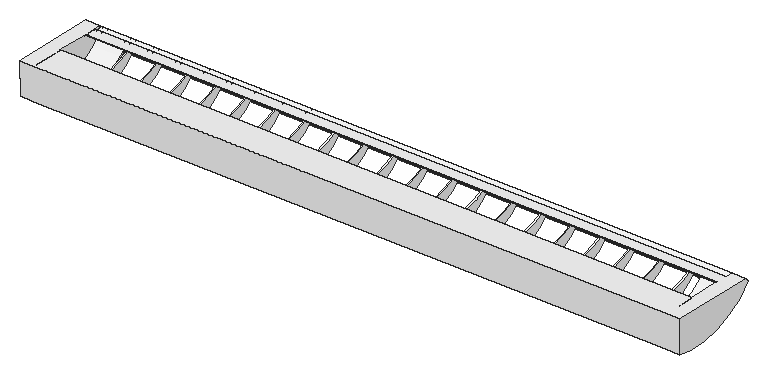
Revit family "CVSL-WM", category Lighting Fixtures, host Wall, Revit 2013
Parameters (values of type "CVSL")
  Watts = 63 W
  Wattage Comments = ""
  Wattage = 63 W
  built-in parameter 1150110 = 1 (stored number, unit not read)
  Voltage = 120 V
  URL = "https://www.hubbell.com/aleralighting/en/"
  built-in parameter 1114217 = 1 (stored number, unit not read)
  Tilt Angle = 90.00°
  built-in parameter 1150109 = 1 (stored number, unit not read)
  built-in parameter 1150134 = (empty or 0)
  built-in parameter 1150113 = 1 (stored number, unit not read)
  Row Option = CVSL : 4'
  Photometric Web Link = "https://www.hubbell.com/aleralighting/en/Products/Lighting-Controls/Commercial-Indoor-Lighting/Wall-Mount/CVSLWM/p/19973"
  Photometric Notes = "More IES files download on Photometric Web Link"  # constant formula
  Glass = Hubbell - White Glass
  Product Page URL = "https://www.hubbell.com/aleralighting/en/Products/Lighting-Controls/Commercial-Indoor-Lighting/Wall-Mount/CVSLWM/p/19973"
  Product Documentation Link = "https://hubbellcdn.com/specsheet/cvsl_wm.pdf"
  Power Factor = 1
  Photometric Web File = "CVSL-2T8-WM-E.ies"
  Model = "CVSLWM"  # constant formula
  Manufacturer = "Alera Lighting"  # constant formula
  built-in parameter 1150105 = 230.82 (stored number, unit not read)
  Lumens = 2900.52 lm
  built-in parameter 1150115 = 1 (stored number, unit not read)
  Load Classification = Lighting
  built-in parameter 1150137 = (empty or 0)
  built-in parameter 1150139 = (empty or 0)
  built-in parameter 1150112 = 1 (stored number, unit not read)
  built-in parameter 1150114 = 1 (stored number, unit not read)
  Lamp = "T5, T5HO, T8"  # constant formula
  built-in parameter 1150132 = (empty or 0)
  built-in parameter 1150102 = (empty or 0)
  built-in parameter 1150107 = 3000 (stored number, unit not read)
  built-in parameter 1150138 = (empty or 0)
  built-in parameter 1150106 = 2.3082 (stored number, unit not read)
  Emit from Rectangle Width = 48.00"  # constant formula
  Emit from Rectangle Length = 3.00"  # constant formula
  Emit Shape Visible in Rendering = no
  built-in parameter 1150104 = 4.2773 (stored number, unit not read)
  Dimming Lamp Color Temperature Shift = <None>
  Description = "Curvista Wall Mount"  # constant formula
  Contact Us = "https://www.hubbell.com/aleralighting/en/contactUs"
  Color Filter = 16777215
  Housing Material = Hubbell - White
  built-in parameter 1114218 = 1 (stored number, unit not read)
  built-in parameter 1150133 = 10 (stored number, unit not read)
  Assembly Code = "D5020210"
  Apparent Load = Watts / Power Factor  # 63 VA
Reference planes (in)
  plane 1 "Wall": y = 0
  plane 2 "Center (Left/Right)": x = 4.92126
  plane 3 "Back": y = 2.95276
  plane 4: y = 6.45276
  plane 5: z = 81.34304
Text (in)
  text "Placement Side" at (-36.97918, 19.73443, 0), in view "Ref. Level"
  text "Placement side" at (0, 27.32912, 79.68064), in view "Left"
  text "Placement side" at (0, 10.24977, 82.91007), in view "Right"
Dimensions and locks (in)
  locked: plane 3 "Back" to host wall
  locked: plane 3 "Back" to plane 4 at 3.5
  aligned and locked: plane 1 "Wall" to host wall
  aligned and locked: plane 2 "Center (Left/Right)" to nested 1
  aligned and locked: plane 4 to imposter light
  aligned and locked: plane 5 to imposter light
  aligned and locked: imposter light to plane 2 "Center (Left/Right)"
Nested families (in)
  nested 1: "CVSL" at (6.96893, 2.95276, 80.03999) x (1, 0, 0) z (0, 1, 0), type <- "Row Option", type "4'"
Connectors (in)
  electrical at (4.92126, 2.95276, 80.95739), driven by "Load Classification", driven by "Voltage", driven by "Apparent Load", driven by "Power Factor"
    settings: on nested 1, index 1, voltage 120 V, apparent load 63 VA, apparent load phase1 0 VA, apparent load phase2 0 VA, apparent load phase3 0 VA, power factor 1, load classification "Lighting", number of poles 1, system type 30, power factor state 1, is connector primary yes, connector utility no, sub classification motor no, connector description "Lighting Connector"
Definition of nested family "CVSL"
  Parameters (values of type "8'")
    Wattage Comments = ""
    URL = ""
    Row Length = 96.00"
    Model = ""
    Manufacturer = ""
    Lamp = ""
    Opal Lens = Hubbell - White Glass
    Description = ""
    Default Elevation = 48.00"
    Baffle = Hubbell - White
    Backbox = Hubbell - White
    Array = Row Length / 2.39844"  # 40
  Types (2): name | Row Length | Array
    4' | 48.00" | 20
    8' | 96.00" | 40
  Reference planes (in)
    plane 1 "Center (Front/Back)": y = 0.03999
    plane 2: z = 0
    plane 3 "Center (Left/Right)": x = -2.04767
    plane 4: x = -50.04767
    plane 5: x = 45.95233
    plane 6: x = -49.04767
    plane 7: x = 44.95233
    plane 8: x = -47.04767
    plane 9: x = 42.95233
    plane 10: y = -2.46001
    plane 11: z = 0
    plane 12: z = 6.25
    plane 13: x = -46.54767
    plane 14: x = 42.45233
  Forms (in)
    Extrusion 1, solid
      sketch origin (0, 0, 0.06357) x (1, 0, 0) y (0, 1, 0)
        loop
          line (-52.04767, 48) -> (-52.04767, -48) -> (47.95233, -48) -> (47.95233, 48) -> (-52.04767, 48)
      from -0.06357 to -6.06357
    Extrusion 2, solid, material "Hubbell - White" <- "Backbox"
      sketch origin (-2.04767, -2.46001, 1.53999) x (0, 0, -1) y (0, 1, 0)
        loop
          line (1.53999, 0) -> (1.53999, 2.31392)
          arc (1.53999, 2.31392) -> (-1.88499, 2.19038) -> (-4.71001, 0.25) r 6.13889
          line (-4.71001, 0.25) -> (-4.46001, 0) -> (0.03999, 0) -> (1.53999, 0)
      from 47 to 48
    Extrusion 3, solid, material "Hubbell - White" <- "Backbox"
      sketch origin (-2.04767, -2.46001, 1.53999) x (0, 0, -1) y (0, 1, 0)
        loop
          line (1.53999, 0) -> (1.53999, 2.31392)
          arc (1.53999, 2.31392) -> (-1.88499, 2.19038) -> (-4.71001, 0.25) r 6.13889
          line (-4.71001, 0.25) -> (-4.46001, 0) -> (1.53999, 0)
      from -48 to -47
    Extrusion 4, solid, material "Hubbell - White" <- "Backbox"
      sketch origin (-2.04767, -2.46001, 1.53999) x (0, 0, -1) y (0, 1, 0)
        loop
          line (1.53999, 0) -> (1.53999, 2.31392)
          arc (1.53999, 2.31392) -> (-1.88499, 2.19038) -> (-4.71001, 0.25) r 6.13889
          line (-4.71001, 0.25) -> (-4.46001, 0) -> (-4.21001, 0.25) -> (-3.96001, 0) -> (-3.12561, 0) -> (-3.12561, 0.05078) -> (-3.93897, 0.05078) -> (-4.21001, 0.32182) -> (-4.46001, 0.07182) -> (-4.64147, 0.25328)
          arc (-4.64147, 0.25328) -> (-1.87175, 2.14127) -> (1.47749, 2.27708) r 6.08811
          line (1.47749, 2.27708) -> (1.47749, 0.05078) -> (-0.77881, 0.05078) -> (-0.77881, 0) -> (1.53999, 0)
      from -47 to 47
    Extrusion 5, void
      sketch origin (-2.04767, -2.46001, 1.53999) x (0, 0, -1) y (0, 1, 0)
        loop
          line (-4.16355, 0.87784) -> (-4.08974, 0.79178)
          arc (-4.08974, 0.79178) -> (-2.85143, 1.68326) -> (-1.42961, 2.23698) r 6.05686
          line (-1.42961, 2.23698) -> (-1.46164, 2.34573)
          arc (-1.46164, 2.34573) -> (-2.9055, 1.7828) -> (-4.16355, 0.87784) r 6.17014
      from -45 to 45
    Extrusion 6, solid, material "Hubbell - White Glass" <- "Opal Lens"
      sketch origin (-2.04767, -2.46001, 1.53999) x (0, 0, -1) y (0, 1, 0)
        loop
          arc (-4.1101, 0.81552) -> (-2.86634, 1.71072) -> (-1.43845, 2.26698) r 6.08811
          line (-1.43845, 2.26698) -> (-1.45281, 2.31573)
          arc (-1.45281, 2.31573) -> (-2.89059, 1.75534) -> (-4.14319, 0.8541) r 6.13889
          line (-4.14319, 0.8541) -> (-4.1101, 0.81552)
      from -45 to 45
    Extrusion 7, solid, material "Hubbell - White" <- "Backbox"
      sketch origin (-2.04767, -2.46001, 1.53999) x (0, 0, -1) y (0, 1, 0)
        loop
          line (-0.70947, 2.40291) -> (-0.70947, 0.05078) -> (0.78946, 0.05078) -> (0.78946, 2.40291)
          arc (0.78946, 2.40291) -> (0.03999, 2.44922) -> (-0.70947, 2.40291) r 6.08811
      from -47 to 47
    Extrusion 8, solid, material "Hubbell - White" <- "Baffle"
      sketch origin (-46.54767, -180, 9.7332) x (0, 0, 1) y (0, -1, 0)
        loop
          line (-3.78604, -178.05897) -> (-4.00423, -177.84077)
          arc (-4.00423, -177.84077) -> (-5.68783, -178.55221) -> (-7.48373, -178.89184) r 8.60112
          line (-7.48373, -178.89184) -> (-7.48373, -179.9429)
          arc (-7.48373, -179.9429) -> (-5.46941, -179.32572) -> (-3.78604, -178.05897) r 6.08811
      from 0 to 0.10156
    Extrusion 9, solid, material "Hubbell - White" <- "Baffle"
      sketch origin (42.35077, -180, 9.7332) x (0, 0, 1) y (0, -1, 0)
        loop
          line (-3.78604, -178.05897) -> (-4.00423, -177.84077)
          arc (-4.00423, -177.84077) -> (-5.68783, -178.55221) -> (-7.48373, -178.89184) r 8.60112
          line (-7.48373, -178.89184) -> (-7.48373, -179.9429)
          arc (-7.48373, -179.9429) -> (-5.46941, -179.32572) -> (-3.78604, -178.05897) r 6.08811
      from 0 to 0.10156
    Extrusion 10, solid, material "Hubbell - White" <- "Baffle"
      sketch origin (-44.26822, -180, 9.7332) x (0, 0, 1) y (0, -1, 0)
        loop
          line (-3.78604, -178.05897) -> (-4.00423, -177.84077)
          arc (-4.00423, -177.84077) -> (-5.68783, -178.55221) -> (-7.48373, -178.89184) r 8.60112
          line (-7.48373, -178.89184) -> (-7.48373, -179.9429)
          arc (-7.48373, -179.9429) -> (-5.46941, -179.32572) -> (-3.78604, -178.05897) r 6.08811
      from 0 to 0.10156
    Extrusion 11, solid, material "Hubbell - White" <- "Baffle"
      sketch origin (-41.98878, -180, 9.7332) x (0, 0, 1) y (0, -1, 0)
        loop
          line (-3.78604, -178.05897) -> (-4.00423, -177.84077)
          arc (-4.00423, -177.84077) -> (-5.68783, -178.55221) -> (-7.48373, -178.89184) r 8.60112
          line (-7.48373, -178.89184) -> (-7.48373, -179.9429)
          arc (-7.48373, -179.9429) -> (-5.46941, -179.32572) -> (-3.78604, -178.05897) r 6.08811
      from 0 to 0.10156
    Extrusion 12, solid, material "Hubbell - White" <- "Baffle"
      sketch origin (-39.70933, -180, 9.7332) x (0, 0, 1) y (0, -1, 0)
        loop
          line (-3.78604, -178.05897) -> (-4.00423, -177.84077)
          arc (-4.00423, -177.84077) -> (-5.68783, -178.55221) -> (-7.48373, -178.89184) r 8.60112
          line (-7.48373, -178.89184) -> (-7.48373, -179.9429)
          arc (-7.48373, -179.9429) -> (-5.46941, -179.32572) -> (-3.78604, -178.05897) r 6.08811
      from 0 to 0.10156
    Extrusion 13, solid, material "Hubbell - White" <- "Baffle"
      sketch origin (-37.42988, -180, 9.7332) x (0, 0, 1) y (0, -1, 0)
        loop
          line (-3.78604, -178.05897) -> (-4.00423, -177.84077)
          arc (-4.00423, -177.84077) -> (-5.68783, -178.55221) -> (-7.48373, -178.89184) r 8.60112
          line (-7.48373, -178.89184) -> (-7.48373, -179.9429)
          arc (-7.48373, -179.9429) -> (-5.46941, -179.32572) -> (-3.78604, -178.05897) r 6.08811
      from 0 to 0.10156
    Extrusion 14, solid, material "Hubbell - White" <- "Baffle"
      sketch origin (-35.15044, -180, 9.7332) x (0, 0, 1) y (0, -1, 0)
        loop
          line (-3.78604, -178.05897) -> (-4.00423, -177.84077)
          arc (-4.00423, -177.84077) -> (-5.68783, -178.55221) -> (-7.48373, -178.89184) r 8.60112
          line (-7.48373, -178.89184) -> (-7.48373, -179.9429)
          arc (-7.48373, -179.9429) -> (-5.46941, -179.32572) -> (-3.78604, -178.05897) r 6.08811
      from 0 to 0.10156
    Extrusion 15, solid, material "Hubbell - White" <- "Baffle"
      sketch origin (-32.87099, -180, 9.7332) x (0, 0, 1) y (0, -1, 0)
        loop
          line (-3.78604, -178.05897) -> (-4.00423, -177.84077)
          arc (-4.00423, -177.84077) -> (-5.68783, -178.55221) -> (-7.48373, -178.89184) r 8.60112
          line (-7.48373, -178.89184) -> (-7.48373, -179.9429)
          arc (-7.48373, -179.9429) -> (-5.46941, -179.32572) -> (-3.78604, -178.05897) r 6.08811
      from 0 to 0.10156
    Extrusion 16, solid, material "Hubbell - White" <- "Baffle"
      sketch origin (-30.59154, -180, 9.7332) x (0, 0, 1) y (0, -1, 0)
        loop
          line (-3.78604, -178.05897) -> (-4.00423, -177.84077)
          arc (-4.00423, -177.84077) -> (-5.68783, -178.55221) -> (-7.48373, -178.89184) r 8.60112
          line (-7.48373, -178.89184) -> (-7.48373, -179.9429)
          arc (-7.48373, -179.9429) -> (-5.46941, -179.32572) -> (-3.78604, -178.05897) r 6.08811
      from 0 to 0.10156
    Extrusion 17, solid, material "Hubbell - White" <- "Baffle"
      sketch origin (-28.31209, -180, 9.7332) x (0, 0, 1) y (0, -1, 0)
        loop
          line (-3.78604, -178.05897) -> (-4.00423, -177.84077)
          arc (-4.00423, -177.84077) -> (-5.68783, -178.55221) -> (-7.48373, -178.89184) r 8.60112
          line (-7.48373, -178.89184) -> (-7.48373, -179.9429)
          arc (-7.48373, -179.9429) -> (-5.46941, -179.32572) -> (-3.78604, -178.05897) r 6.08811
      from 0 to 0.10156
    Extrusion 18, solid, material "Hubbell - White" <- "Baffle"
      sketch origin (-26.03265, -180, 9.7332) x (0, 0, 1) y (0, -1, 0)
        loop
          line (-3.78604, -178.05897) -> (-4.00423, -177.84077)
          arc (-4.00423, -177.84077) -> (-5.68783, -178.55221) -> (-7.48373, -178.89184) r 8.60112
          line (-7.48373, -178.89184) -> (-7.48373, -179.9429)
          arc (-7.48373, -179.9429) -> (-5.46941, -179.32572) -> (-3.78604, -178.05897) r 6.08811
      from 0 to 0.10156
    Extrusion 19, solid, material "Hubbell - White" <- "Baffle"
      sketch origin (-23.7532, -180, 9.7332) x (0, 0, 1) y (0, -1, 0)
        loop
          line (-3.78604, -178.05897) -> (-4.00423, -177.84077)
          arc (-4.00423, -177.84077) -> (-5.68783, -178.55221) -> (-7.48373, -178.89184) r 8.60112
          line (-7.48373, -178.89184) -> (-7.48373, -179.9429)
          arc (-7.48373, -179.9429) -> (-5.46941, -179.32572) -> (-3.78604, -178.05897) r 6.08811
      from 0 to 0.10156
    Extrusion 20, solid, material "Hubbell - White" <- "Baffle"
      sketch origin (-21.47375, -180, 9.7332) x (0, 0, 1) y (0, -1, 0)
        loop
          line (-3.78604, -178.05897) -> (-4.00423, -177.84077)
          arc (-4.00423, -177.84077) -> (-5.68783, -178.55221) -> (-7.48373, -178.89184) r 8.60112
          line (-7.48373, -178.89184) -> (-7.48373, -179.9429)
          arc (-7.48373, -179.9429) -> (-5.46941, -179.32572) -> (-3.78604, -178.05897) r 6.08811
      from 0 to 0.10156
    Extrusion 21, solid, material "Hubbell - White" <- "Baffle"
      sketch origin (-19.19431, -180, 9.7332) x (0, 0, 1) y (0, -1, 0)
        loop
          line (-3.78604, -178.05897) -> (-4.00423, -177.84077)
          arc (-4.00423, -177.84077) -> (-5.68783, -178.55221) -> (-7.48373, -178.89184) r 8.60112
          line (-7.48373, -178.89184) -> (-7.48373, -179.9429)
          arc (-7.48373, -179.9429) -> (-5.46941, -179.32572) -> (-3.78604, -178.05897) r 6.08811
      from 0 to 0.10156
    Extrusion 22, solid, material "Hubbell - White" <- "Baffle"
      sketch origin (-16.91486, -180, 9.7332) x (0, 0, 1) y (0, -1, 0)
        loop
          line (-3.78604, -178.05897) -> (-4.00423, -177.84077)
          arc (-4.00423, -177.84077) -> (-5.68783, -178.55221) -> (-7.48373, -178.89184) r 8.60112
          line (-7.48373, -178.89184) -> (-7.48373, -179.9429)
          arc (-7.48373, -179.9429) -> (-5.46941, -179.32572) -> (-3.78604, -178.05897) r 6.08811
      from 0 to 0.10156
    Extrusion 23, solid, material "Hubbell - White" <- "Baffle"
      sketch origin (-14.63541, -180, 9.7332) x (0, 0, 1) y (0, -1, 0)
        loop
          line (-3.78604, -178.05897) -> (-4.00423, -177.84077)
          arc (-4.00423, -177.84077) -> (-5.68783, -178.55221) -> (-7.48373, -178.89184) r 8.60112
          line (-7.48373, -178.89184) -> (-7.48373, -179.9429)
          arc (-7.48373, -179.9429) -> (-5.46941, -179.32572) -> (-3.78604, -178.05897) r 6.08811
      from 0 to 0.10156
    Extrusion 24, solid, material "Hubbell - White" <- "Baffle"
      sketch origin (-12.35596, -180, 9.7332) x (0, 0, 1) y (0, -1, 0)
        loop
          line (-3.78604, -178.05897) -> (-4.00423, -177.84077)
          arc (-4.00423, -177.84077) -> (-5.68783, -178.55221) -> (-7.48373, -178.89184) r 8.60112
          line (-7.48373, -178.89184) -> (-7.48373, -179.9429)
          arc (-7.48373, -179.9429) -> (-5.46941, -179.32572) -> (-3.78604, -178.05897) r 6.08811
      from 0 to 0.10156
    Extrusion 25, solid, material "Hubbell - White" <- "Baffle"
      sketch origin (-10.07652, -180, 9.7332) x (0, 0, 1) y (0, -1, 0)
        loop
          line (-3.78604, -178.05897) -> (-4.00423, -177.84077)
          arc (-4.00423, -177.84077) -> (-5.68783, -178.55221) -> (-7.48373, -178.89184) r 8.60112
          line (-7.48373, -178.89184) -> (-7.48373, -179.9429)
          arc (-7.48373, -179.9429) -> (-5.46941, -179.32572) -> (-3.78604, -178.05897) r 6.08811
      from 0 to 0.10156
    Extrusion 26, solid, material "Hubbell - White" <- "Baffle"
      sketch origin (-7.79707, -180, 9.7332) x (0, 0, 1) y (0, -1, 0)
        loop
          line (-3.78604, -178.05897) -> (-4.00423, -177.84077)
          arc (-4.00423, -177.84077) -> (-5.68783, -178.55221) -> (-7.48373, -178.89184) r 8.60112
          line (-7.48373, -178.89184) -> (-7.48373, -179.9429)
          arc (-7.48373, -179.9429) -> (-5.46941, -179.32572) -> (-3.78604, -178.05897) r 6.08811
      from 0 to 0.10156
    Extrusion 27, solid, material "Hubbell - White" <- "Baffle"
      sketch origin (-5.51762, -180, 9.7332) x (0, 0, 1) y (0, -1, 0)
        loop
          line (-3.78604, -178.05897) -> (-4.00423, -177.84077)
          arc (-4.00423, -177.84077) -> (-5.68783, -178.55221) -> (-7.48373, -178.89184) r 8.60112
          line (-7.48373, -178.89184) -> (-7.48373, -179.9429)
          arc (-7.48373, -179.9429) -> (-5.46941, -179.32572) -> (-3.78604, -178.05897) r 6.08811
      from 0 to 0.10156
    Extrusion 28, solid, material "Hubbell - White" <- "Baffle"
      sketch origin (-3.23818, -180, 9.7332) x (0, 0, 1) y (0, -1, 0)
        loop
          line (-3.78604, -178.05897) -> (-4.00423, -177.84077)
          arc (-4.00423, -177.84077) -> (-5.68783, -178.55221) -> (-7.48373, -178.89184) r 8.60112
          line (-7.48373, -178.89184) -> (-7.48373, -179.9429)
          arc (-7.48373, -179.9429) -> (-5.46941, -179.32572) -> (-3.78604, -178.05897) r 6.08811
      from 0 to 0.10156
    Extrusion 29, solid, material "Hubbell - White" <- "Baffle"
      sketch origin (-0.95873, -180, 9.7332) x (0, 0, 1) y (0, -1, 0)
        loop
          line (-3.78604, -178.05897) -> (-4.00423, -177.84077)
          arc (-4.00423, -177.84077) -> (-5.68783, -178.55221) -> (-7.48373, -178.89184) r 8.60112
          line (-7.48373, -178.89184) -> (-7.48373, -179.9429)
          arc (-7.48373, -179.9429) -> (-5.46941, -179.32572) -> (-3.78604, -178.05897) r 6.08811
      from 0 to 0.10156
    Extrusion 30, solid, material "Hubbell - White" <- "Baffle"
      sketch origin (1.32072, -180, 9.7332) x (0, 0, 1) y (0, -1, 0)
        loop
          line (-3.78604, -178.05897) -> (-4.00423, -177.84077)
          arc (-4.00423, -177.84077) -> (-5.68783, -178.55221) -> (-7.48373, -178.89184) r 8.60112
          line (-7.48373, -178.89184) -> (-7.48373, -179.9429)
          arc (-7.48373, -179.9429) -> (-5.46941, -179.32572) -> (-3.78604, -178.05897) r 6.08811
      from 0 to 0.10156
    Extrusion 31, solid, material "Hubbell - White" <- "Baffle"
      sketch origin (3.60017, -180, 9.7332) x (0, 0, 1) y (0, -1, 0)
        loop
          line (-3.78604, -178.05897) -> (-4.00423, -177.84077)
          arc (-4.00423, -177.84077) -> (-5.68783, -178.55221) -> (-7.48373, -178.89184) r 8.60112
          line (-7.48373, -178.89184) -> (-7.48373, -179.9429)
          arc (-7.48373, -179.9429) -> (-5.46941, -179.32572) -> (-3.78604, -178.05897) r 6.08811
      from 0 to 0.10156
    Extrusion 32, solid, material "Hubbell - White" <- "Baffle"
      sketch origin (5.87961, -180, 9.7332) x (0, 0, 1) y (0, -1, 0)
        loop
          line (-3.78604, -178.05897) -> (-4.00423, -177.84077)
          arc (-4.00423, -177.84077) -> (-5.68783, -178.55221) -> (-7.48373, -178.89184) r 8.60112
          line (-7.48373, -178.89184) -> (-7.48373, -179.9429)
          arc (-7.48373, -179.9429) -> (-5.46941, -179.32572) -> (-3.78604, -178.05897) r 6.08811
      from 0 to 0.10156
    Extrusion 33, solid, material "Hubbell - White" <- "Baffle"
      sketch origin (8.15906, -180, 9.7332) x (0, 0, 1) y (0, -1, 0)
        loop
          line (-3.78604, -178.05897) -> (-4.00423, -177.84077)
          arc (-4.00423, -177.84077) -> (-5.68783, -178.55221) -> (-7.48373, -178.89184) r 8.60112
          line (-7.48373, -178.89184) -> (-7.48373, -179.9429)
          arc (-7.48373, -179.9429) -> (-5.46941, -179.32572) -> (-3.78604, -178.05897) r 6.08811
      from 0 to 0.10156
    Extrusion 34, solid, material "Hubbell - White" <- "Baffle"
      sketch origin (10.43851, -180, 9.7332) x (0, 0, 1) y (0, -1, 0)
        loop
          line (-3.78604, -178.05897) -> (-4.00423, -177.84077)
          arc (-4.00423, -177.84077) -> (-5.68783, -178.55221) -> (-7.48373, -178.89184) r 8.60112
          line (-7.48373, -178.89184) -> (-7.48373, -179.9429)
          arc (-7.48373, -179.9429) -> (-5.46941, -179.32572) -> (-3.78604, -178.05897) r 6.08811
      from 0 to 0.10156
    Extrusion 35, solid, material "Hubbell - White" <- "Baffle"
      sketch origin (12.71795, -180, 9.7332) x (0, 0, 1) y (0, -1, 0)
        loop
          line (-3.78604, -178.05897) -> (-4.00423, -177.84077)
          arc (-4.00423, -177.84077) -> (-5.68783, -178.55221) -> (-7.48373, -178.89184) r 8.60112
          line (-7.48373, -178.89184) -> (-7.48373, -179.9429)
          arc (-7.48373, -179.9429) -> (-5.46941, -179.32572) -> (-3.78604, -178.05897) r 6.08811
      from 0 to 0.10156
    Extrusion 36, solid, material "Hubbell - White" <- "Baffle"
      sketch origin (14.9974, -180, 9.7332) x (0, 0, 1) y (0, -1, 0)
        loop
          line (-3.78604, -178.05897) -> (-4.00423, -177.84077)
          arc (-4.00423, -177.84077) -> (-5.68783, -178.55221) -> (-7.48373, -178.89184) r 8.60112
          line (-7.48373, -178.89184) -> (-7.48373, -179.9429)
          arc (-7.48373, -179.9429) -> (-5.46941, -179.32572) -> (-3.78604, -178.05897) r 6.08811
      from 0 to 0.10156
    Extrusion 37, solid, material "Hubbell - White" <- "Baffle"
      sketch origin (17.27685, -180, 9.7332) x (0, 0, 1) y (0, -1, 0)
        loop
          line (-3.78604, -178.05897) -> (-4.00423, -177.84077)
          arc (-4.00423, -177.84077) -> (-5.68783, -178.55221) -> (-7.48373, -178.89184) r 8.60112
          line (-7.48373, -178.89184) -> (-7.48373, -179.9429)
          arc (-7.48373, -179.9429) -> (-5.46941, -179.32572) -> (-3.78604, -178.05897) r 6.08811
      from 0 to 0.10156
    Extrusion 38, solid, material "Hubbell - White" <- "Baffle"
      sketch origin (19.5563, -180, 9.7332) x (0, 0, 1) y (0, -1, 0)
        loop
          line (-3.78604, -178.05897) -> (-4.00423, -177.84077)
          arc (-4.00423, -177.84077) -> (-5.68783, -178.55221) -> (-7.48373, -178.89184) r 8.60112
          line (-7.48373, -178.89184) -> (-7.48373, -179.9429)
          arc (-7.48373, -179.9429) -> (-5.46941, -179.32572) -> (-3.78604, -178.05897) r 6.08811
      from 0 to 0.10156
    Extrusion 39, solid, material "Hubbell - White" <- "Baffle"
      sketch origin (21.83574, -180, 9.7332) x (0, 0, 1) y (0, -1, 0)
        loop
          line (-3.78604, -178.05897) -> (-4.00423, -177.84077)
          arc (-4.00423, -177.84077) -> (-5.68783, -178.55221) -> (-7.48373, -178.89184) r 8.60112
          line (-7.48373, -178.89184) -> (-7.48373, -179.9429)
          arc (-7.48373, -179.9429) -> (-5.46941, -179.32572) -> (-3.78604, -178.05897) r 6.08811
      from 0 to 0.10156
    Extrusion 40, solid, material "Hubbell - White" <- "Baffle"
      sketch origin (24.11519, -180, 9.7332) x (0, 0, 1) y (0, -1, 0)
        loop
          line (-3.78604, -178.05897) -> (-4.00423, -177.84077)
          arc (-4.00423, -177.84077) -> (-5.68783, -178.55221) -> (-7.48373, -178.89184) r 8.60112
          line (-7.48373, -178.89184) -> (-7.48373, -179.9429)
          arc (-7.48373, -179.9429) -> (-5.46941, -179.32572) -> (-3.78604, -178.05897) r 6.08811
      from 0 to 0.10156
    Extrusion 41, solid, material "Hubbell - White" <- "Baffle"
      sketch origin (26.39464, -180, 9.7332) x (0, 0, 1) y (0, -1, 0)
        loop
          line (-3.78604, -178.05897) -> (-4.00423, -177.84077)
          arc (-4.00423, -177.84077) -> (-5.68783, -178.55221) -> (-7.48373, -178.89184) r 8.60112
          line (-7.48373, -178.89184) -> (-7.48373, -179.9429)
          arc (-7.48373, -179.9429) -> (-5.46941, -179.32572) -> (-3.78604, -178.05897) r 6.08811
      from 0 to 0.10156
    Extrusion 42, solid, material "Hubbell - White" <- "Baffle"
      sketch origin (28.67408, -180, 9.7332) x (0, 0, 1) y (0, -1, 0)
        loop
          line (-3.78604, -178.05897) -> (-4.00423, -177.84077)
          arc (-4.00423, -177.84077) -> (-5.68783, -178.55221) -> (-7.48373, -178.89184) r 8.60112
          line (-7.48373, -178.89184) -> (-7.48373, -179.9429)
          arc (-7.48373, -179.9429) -> (-5.46941, -179.32572) -> (-3.78604, -178.05897) r 6.08811
      from 0 to 0.10156
    Extrusion 43, solid, material "Hubbell - White" <- "Baffle"
      sketch origin (30.95353, -180, 9.7332) x (0, 0, 1) y (0, -1, 0)
        loop
          line (-3.78604, -178.05897) -> (-4.00423, -177.84077)
          arc (-4.00423, -177.84077) -> (-5.68783, -178.55221) -> (-7.48373, -178.89184) r 8.60112
          line (-7.48373, -178.89184) -> (-7.48373, -179.9429)
          arc (-7.48373, -179.9429) -> (-5.46941, -179.32572) -> (-3.78604, -178.05897) r 6.08811
      from 0 to 0.10156
    Extrusion 44, solid, material "Hubbell - White" <- "Baffle"
      sketch origin (33.23298, -180, 9.7332) x (0, 0, 1) y (0, -1, 0)
        loop
          line (-3.78604, -178.05897) -> (-4.00423, -177.84077)
          arc (-4.00423, -177.84077) -> (-5.68783, -178.55221) -> (-7.48373, -178.89184) r 8.60112
          line (-7.48373, -178.89184) -> (-7.48373, -179.9429)
          arc (-7.48373, -179.9429) -> (-5.46941, -179.32572) -> (-3.78604, -178.05897) r 6.08811
      from 0 to 0.10156
    Extrusion 45, solid, material "Hubbell - White" <- "Baffle"
      sketch origin (35.51243, -180, 9.7332) x (0, 0, 1) y (0, -1, 0)
        loop
          line (-3.78604, -178.05897) -> (-4.00423, -177.84077)
          arc (-4.00423, -177.84077) -> (-5.68783, -178.55221) -> (-7.48373, -178.89184) r 8.60112
          line (-7.48373, -178.89184) -> (-7.48373, -179.9429)
          arc (-7.48373, -179.9429) -> (-5.46941, -179.32572) -> (-3.78604, -178.05897) r 6.08811
      from 0 to 0.10156
    Extrusion 46, solid, material "Hubbell - White" <- "Baffle"
      sketch origin (37.79187, -180, 9.7332) x (0, 0, 1) y (0, -1, 0)
        loop
          line (-3.78604, -178.05897) -> (-4.00423, -177.84077)
          arc (-4.00423, -177.84077) -> (-5.68783, -178.55221) -> (-7.48373, -178.89184) r 8.60112
          line (-7.48373, -178.89184) -> (-7.48373, -179.9429)
          arc (-7.48373, -179.9429) -> (-5.46941, -179.32572) -> (-3.78604, -178.05897) r 6.08811
      from 0 to 0.10156
    Extrusion 47, solid, material "Hubbell - White" <- "Baffle"
      sketch origin (40.07132, -180, 9.7332) x (0, 0, 1) y (0, -1, 0)
        loop
          line (-3.78604, -178.05897) -> (-4.00423, -177.84077)
          arc (-4.00423, -177.84077) -> (-5.68783, -178.55221) -> (-7.48373, -178.89184) r 8.60112
          line (-7.48373, -178.89184) -> (-7.48373, -179.9429)
          arc (-7.48373, -179.9429) -> (-5.46941, -179.32572) -> (-3.78604, -178.05897) r 6.08811
      from 0 to 0.10156
  Cuts and joins
    Extrusion 5 cuts Extrusion 2
    Extrusion 5 cuts Extrusion 3
    Extrusion 5 cuts Extrusion 4
    joined: Extrusion 2, Extrusion 3, Extrusion 4
  Dimensions and locks (in)
    equal spacing: plane 5, plane 3 "Center (Left/Right)", plane 4
    locked: plane 6 to plane 4 at 1
    "Row Length": plane 5 to plane 4
    equal spacing: plane 7, plane 3 "Center (Left/Right)", plane 6
    locked: plane 6 to plane 8 at 2
    Extrusion 1 sketch curve to plane 3 "Center (Left/Right)" to Extrusion 1 sketch curve = 50.00", 50.00"
    locked: Extrusion 4 sketch curve to Extrusion 4 sketch curve at 0.38383
    locked: plane 9 to plane 7 at 2
    locked: Extrusion 7 sketch curve to Extrusion 7 sketch curve at 1.49893
    locked: plane 1 "Center (Front/Back)" to plane 10 at 2.5
    locked: plane 12 to Extrusion 1 at 6.25
    locked: plane 13 to plane 8 at 0.5
    locked: plane 9 to plane 14 at 0.5
    equal spacing: group 1, group 3, group 4, group 5, group 6, group 7, group 8, group 9, group 10, group 11, group 12, group 13, group 14, group 15, group 16, group 17, group 18, group 19, group 20, group 21, group 22, group 23, group 24, group 25, group 26, group 27, group 28, group 29, group 30, group 31, group 32, group 33, group 34, group 35, group 36, group 37, group 38, group 39, group 40, group 2  (x3)
    aligned and locked: plane 2 to Extrusion 1
    aligned and locked: plane 5 to Extrusion 2
    aligned and locked: Extrusion 2 to plane 7
    aligned and locked: Extrusion 3 to plane 4
    aligned and locked: plane 6 to Extrusion 3
    aligned and locked: Extrusion 4 to plane 6
    aligned and locked: plane 7 to Extrusion 4
    aligned and locked: cut or joined group of Extrusion 2, Extrusion 3, Extrusion 4, Extrusion 5 to plane 8
    aligned and locked: plane 9 to cut or joined group of Extrusion 2, Extrusion 3, Extrusion 4, Extrusion 5
    aligned and locked: Extrusion 6 to plane 8
    aligned and locked: plane 9 to Extrusion 6
    aligned and locked: Extrusion 7 sketch curve to cut or joined group of Extrusion 2, Extrusion 3, Extrusion 4, Extrusion 5  (x2)
    aligned and locked: plane 6 to cut or joined group of Extrusion 2, Extrusion 3, Extrusion 4, Extrusion 5
    aligned and locked: cut or joined group of Extrusion 2, Extrusion 3, Extrusion 4, Extrusion 5 to plane 7
    aligned and locked: plane 7 to Extrusion 7
    aligned and locked: Extrusion 7 to plane 6
    aligned and locked: plane 10 to cut or joined group of Extrusion 2, Extrusion 3, Extrusion 4, Extrusion 5
    aligned and locked: Extrusion 2 sketch curve to cut or joined group of Extrusion 2, Extrusion 3, Extrusion 4, Extrusion 5
    aligned and locked: Extrusion 6 sketch curve to cut or joined group of Extrusion 2, Extrusion 3, Extrusion 4, Extrusion 5  (x2)
    aligned and locked: Extrusion 8 to plane 13
    aligned and locked: plane 14 to Extrusion 9
  Automatic sketch dimensions
    Extrusion 1 sketch curve to Extrusion 1 sketch curve = 96.00"
    Extrusion 3 sketch curve to Extrusion 3 sketch curve = 0.25"  (x2)
    level to Extrusion 3 sketch curve = 1.50"
    Extrusion 6 sketch curve to Extrusion 6 sketch curve = 0.00"  (x2)
    level to Extrusion 6 sketch curve = 1.50"
    Extrusion 3 sketch curve to Extrusion 3 sketch curve = 4.50"
    plane 1 "Center (Front/Back)" to Extrusion 6 sketch curve = 0.18427"
    plane 1 "Center (Front/Back)" to Extrusion 7 sketch curve = 0.09709"
    plane 1 "Center (Front/Back)" to Extrusion 3 sketch curve = 6.13889"
    Extrusion 6 sketch curve to Extrusion 6 sketch curve = 0.03309"
    Extrusion 3 sketch curve to plane 10 = 0.00"
    plane 1 "Center (Front/Back)" to Extrusion 3 sketch curve = 0.18608"
    Extrusion 2 sketch curve to plane 10 = 0.00"
    level to Extrusion 2 sketch curve = 1.50"  (x2)
    Extrusion 2 sketch curve to Extrusion 2 sketch curve = 3.63889"
    Extrusion 2 sketch curve to plane 10 = 0.25"
    Extrusion 2 sketch curve to Extrusion 2 sketch curve = 4.50"
    Extrusion 2 sketch curve to Extrusion 2 sketch curve = 0.25"
    Extrusion 6 sketch curve to Extrusion 6 sketch curve = 0.01436"
    Extrusion 5 sketch curve to Extrusion 5 sketch curve = 0.00"  (x2)
    Extrusion 5 sketch curve to plane 12 = 0.54646"
    Extrusion 5 sketch curve to Extrusion 5 sketch curve = 0.07381"
    plane 1 "Center (Front/Back)" to Extrusion 5 sketch curve = 0.15427"
    Extrusion 5 sketch curve to Extrusion 5 sketch curve = 2.6281"
    plane 1 "Center (Front/Back)" to Extrusion 5 sketch curve = 0.26302"
    Extrusion 5 sketch curve to Extrusion 5 sketch curve = 0.03203"
    level to Extrusion 5 sketch curve = 1.50"
    plane 1 "Center (Front/Back)" to Extrusion 5 sketch curve = 1.62216"
    Extrusion 8 sketch curve to Extrusion 8 sketch curve = 1.05107"
    Extrusion 8 sketch curve to Extrusion 8 sketch curve = 3.4795"
    Extrusion 8 sketch curve to Extrusion 8 sketch curve = 0.21819"  (x2)
    Extrusion 8 sketch curve to Extrusion 8 sketch curve = 0.0582"
    Extrusion 8 sketch curve to Extrusion 8 sketch curve = 0.74946"
    Extrusion 8 sketch curve to Extrusion 8 sketch curve = 0.83287"
    Extrusion 9 sketch curve to Extrusion 9 sketch curve = 1.05107"
    Extrusion 9 sketch curve to Extrusion 9 sketch curve = 3.4795"
    Extrusion 9 sketch curve to Extrusion 9 sketch curve = 0.21819"  (x2)
    Extrusion 9 sketch curve to Extrusion 9 sketch curve = 0.0582"
    Extrusion 9 sketch curve to Extrusion 9 sketch curve = 0.74946"
    Extrusion 9 sketch curve to Extrusion 9 sketch curve = 0.83287"
    Extrusion 10 sketch curve to Extrusion 10 sketch curve = 1.05107"
    Extrusion 10 sketch curve to Extrusion 10 sketch curve = 3.4795"
    Extrusion 10 sketch curve to Extrusion 10 sketch curve = 0.21819"  (x2)
    Extrusion 10 sketch curve to Extrusion 10 sketch curve = 0.0582"
    Extrusion 10 sketch curve to Extrusion 10 sketch curve = 0.74946"
    Extrusion 10 sketch curve to Extrusion 10 sketch curve = 0.83287"
    Extrusion 11 sketch curve to Extrusion 11 sketch curve = 1.05107"
    Extrusion 11 sketch curve to Extrusion 11 sketch curve = 3.4795"
    Extrusion 11 sketch curve to Extrusion 11 sketch curve = 0.21819"  (x2)
    Extrusion 11 sketch curve to Extrusion 11 sketch curve = 0.0582"
    Extrusion 11 sketch curve to Extrusion 11 sketch curve = 0.74946"
    Extrusion 11 sketch curve to Extrusion 11 sketch curve = 0.83287"
    Extrusion 12 sketch curve to Extrusion 12 sketch curve = 1.05107"
    Extrusion 12 sketch curve to Extrusion 12 sketch curve = 3.4795"
    Extrusion 12 sketch curve to Extrusion 12 sketch curve = 0.21819"  (x2)
    Extrusion 12 sketch curve to Extrusion 12 sketch curve = 0.0582"
    Extrusion 12 sketch curve to Extrusion 12 sketch curve = 0.74946"
    Extrusion 12 sketch curve to Extrusion 12 sketch curve = 0.83287"
    Extrusion 13 sketch curve to Extrusion 13 sketch curve = 1.05107"
    Extrusion 13 sketch curve to Extrusion 13 sketch curve = 3.4795"
    Extrusion 13 sketch curve to Extrusion 13 sketch curve = 0.21819"  (x2)
    Extrusion 13 sketch curve to Extrusion 13 sketch curve = 0.0582"
    Extrusion 13 sketch curve to Extrusion 13 sketch curve = 0.74946"
    Extrusion 13 sketch curve to Extrusion 13 sketch curve = 0.83287"
    Extrusion 14 sketch curve to Extrusion 14 sketch curve = 1.05107"
    Extrusion 14 sketch curve to Extrusion 14 sketch curve = 3.4795"
    Extrusion 14 sketch curve to Extrusion 14 sketch curve = 0.21819"  (x2)
    Extrusion 14 sketch curve to Extrusion 14 sketch curve = 0.0582"
    Extrusion 14 sketch curve to Extrusion 14 sketch curve = 0.74946"
    Extrusion 14 sketch curve to Extrusion 14 sketch curve = 0.83287"
    Extrusion 15 sketch curve to Extrusion 15 sketch curve = 1.05107"
    Extrusion 15 sketch curve to Extrusion 15 sketch curve = 3.4795"
    Extrusion 15 sketch curve to Extrusion 15 sketch curve = 0.21819"  (x2)
    Extrusion 15 sketch curve to Extrusion 15 sketch curve = 0.0582"
    Extrusion 15 sketch curve to Extrusion 15 sketch curve = 0.74946"
    Extrusion 15 sketch curve to Extrusion 15 sketch curve = 0.83287"
    Extrusion 16 sketch curve to Extrusion 16 sketch curve = 1.05107"
    Extrusion 16 sketch curve to Extrusion 16 sketch curve = 3.4795"
    Extrusion 16 sketch curve to Extrusion 16 sketch curve = 0.21819"  (x2)
    Extrusion 16 sketch curve to Extrusion 16 sketch curve = 0.0582"
    Extrusion 16 sketch curve to Extrusion 16 sketch curve = 0.74946"
    Extrusion 16 sketch curve to Extrusion 16 sketch curve = 0.83287"
    Extrusion 17 sketch curve to Extrusion 17 sketch curve = 1.05107"
    Extrusion 17 sketch curve to Extrusion 17 sketch curve = 3.4795"
    Extrusion 17 sketch curve to Extrusion 17 sketch curve = 0.21819"  (x2)
    Extrusion 17 sketch curve to Extrusion 17 sketch curve = 0.0582"
    Extrusion 17 sketch curve to Extrusion 17 sketch curve = 0.74946"
    Extrusion 17 sketch curve to Extrusion 17 sketch curve = 0.83287"
    Extrusion 18 sketch curve to Extrusion 18 sketch curve = 1.05107"
    Extrusion 18 sketch curve to Extrusion 18 sketch curve = 3.4795"
    Extrusion 18 sketch curve to Extrusion 18 sketch curve = 0.21819"  (x2)
    Extrusion 18 sketch curve to Extrusion 18 sketch curve = 0.0582"
    Extrusion 18 sketch curve to Extrusion 18 sketch curve = 0.74946"
    Extrusion 18 sketch curve to Extrusion 18 sketch curve = 0.83287"
    Extrusion 19 sketch curve to Extrusion 19 sketch curve = 1.05107"
    Extrusion 19 sketch curve to Extrusion 19 sketch curve = 3.4795"
    Extrusion 19 sketch curve to Extrusion 19 sketch curve = 0.21819"  (x2)
    Extrusion 19 sketch curve to Extrusion 19 sketch curve = 0.0582"
    Extrusion 19 sketch curve to Extrusion 19 sketch curve = 0.74946"
    Extrusion 19 sketch curve to Extrusion 19 sketch curve = 0.83287"
    Extrusion 20 sketch curve to Extrusion 20 sketch curve = 1.05107"
    Extrusion 20 sketch curve to Extrusion 20 sketch curve = 3.4795"
    Extrusion 20 sketch curve to Extrusion 20 sketch curve = 0.21819"  (x2)
    Extrusion 20 sketch curve to Extrusion 20 sketch curve = 0.0582"
    Extrusion 20 sketch curve to Extrusion 20 sketch curve = 0.74946"
    Extrusion 20 sketch curve to Extrusion 20 sketch curve = 0.83287"
    Extrusion 21 sketch curve to Extrusion 21 sketch curve = 1.05107"
    Extrusion 21 sketch curve to Extrusion 21 sketch curve = 3.4795"
    Extrusion 21 sketch curve to Extrusion 21 sketch curve = 0.21819"  (x2)
    Extrusion 21 sketch curve to Extrusion 21 sketch curve = 0.0582"
    Extrusion 21 sketch curve to Extrusion 21 sketch curve = 0.74946"
    Extrusion 21 sketch curve to Extrusion 21 sketch curve = 0.83287"
    Extrusion 22 sketch curve to Extrusion 22 sketch curve = 1.05107"
    Extrusion 22 sketch curve to Extrusion 22 sketch curve = 3.4795"
    Extrusion 22 sketch curve to Extrusion 22 sketch curve = 0.21819"  (x2)
    Extrusion 22 sketch curve to Extrusion 22 sketch curve = 0.0582"
    Extrusion 22 sketch curve to Extrusion 22 sketch curve = 0.74946"
    Extrusion 22 sketch curve to Extrusion 22 sketch curve = 0.83287"
    Extrusion 23 sketch curve to Extrusion 23 sketch curve = 1.05107"
    Extrusion 23 sketch curve to Extrusion 23 sketch curve = 3.4795"
    Extrusion 23 sketch curve to Extrusion 23 sketch curve = 0.21819"  (x2)
    Extrusion 23 sketch curve to Extrusion 23 sketch curve = 0.0582"
    Extrusion 23 sketch curve to Extrusion 23 sketch curve = 0.74946"
    Extrusion 23 sketch curve to Extrusion 23 sketch curve = 0.83287"
    Extrusion 24 sketch curve to Extrusion 24 sketch curve = 1.05107"
    Extrusion 24 sketch curve to Extrusion 24 sketch curve = 3.4795"
    Extrusion 24 sketch curve to Extrusion 24 sketch curve = 0.21819"  (x2)
    Extrusion 24 sketch curve to Extrusion 24 sketch curve = 0.0582"
    Extrusion 24 sketch curve to Extrusion 24 sketch curve = 0.74946"
    Extrusion 24 sketch curve to Extrusion 24 sketch curve = 0.83287"
    Extrusion 25 sketch curve to Extrusion 25 sketch curve = 1.05107"
    Extrusion 25 sketch curve to Extrusion 25 sketch curve = 3.4795"
    Extrusion 25 sketch curve to Extrusion 25 sketch curve = 0.21819"  (x2)
    Extrusion 25 sketch curve to Extrusion 25 sketch curve = 0.0582"
    Extrusion 25 sketch curve to Extrusion 25 sketch curve = 0.74946"
    Extrusion 25 sketch curve to Extrusion 25 sketch curve = 0.83287"
    Extrusion 26 sketch curve to Extrusion 26 sketch curve = 1.05107"
    Extrusion 26 sketch curve to Extrusion 26 sketch curve = 3.4795"
    Extrusion 26 sketch curve to Extrusion 26 sketch curve = 0.21819"  (x2)
    Extrusion 26 sketch curve to Extrusion 26 sketch curve = 0.0582"
    Extrusion 26 sketch curve to Extrusion 26 sketch curve = 0.74946"
    Extrusion 26 sketch curve to Extrusion 26 sketch curve = 0.83287"
    Extrusion 27 sketch curve to Extrusion 27 sketch curve = 1.05107"
    Extrusion 27 sketch curve to Extrusion 27 sketch curve = 3.4795"
    Extrusion 27 sketch curve to Extrusion 27 sketch curve = 0.21819"  (x2)
    Extrusion 27 sketch curve to Extrusion 27 sketch curve = 0.0582"
    Extrusion 27 sketch curve to Extrusion 27 sketch curve = 0.74946"
    Extrusion 27 sketch curve to Extrusion 27 sketch curve = 0.83287"
    Extrusion 28 sketch curve to Extrusion 28 sketch curve = 1.05107"
    Extrusion 28 sketch curve to Extrusion 28 sketch curve = 3.4795"
    Extrusion 28 sketch curve to Extrusion 28 sketch curve = 0.21819"  (x2)
    Extrusion 28 sketch curve to Extrusion 28 sketch curve = 0.0582"
    Extrusion 28 sketch curve to Extrusion 28 sketch curve = 0.74946"
    Extrusion 28 sketch curve to Extrusion 28 sketch curve = 0.83287"
    Extrusion 29 sketch curve to Extrusion 29 sketch curve = 1.05107"
    Extrusion 29 sketch curve to Extrusion 29 sketch curve = 3.4795"
    Extrusion 29 sketch curve to Extrusion 29 sketch curve = 0.21819"  (x2)
    Extrusion 29 sketch curve to Extrusion 29 sketch curve = 0.0582"
    Extrusion 29 sketch curve to Extrusion 29 sketch curve = 0.74946"
    Extrusion 29 sketch curve to Extrusion 29 sketch curve = 0.83287"
    Extrusion 30 sketch curve to Extrusion 30 sketch curve = 1.05107"
    Extrusion 30 sketch curve to Extrusion 30 sketch curve = 3.4795"
    Extrusion 30 sketch curve to Extrusion 30 sketch curve = 0.21819"  (x2)
    Extrusion 30 sketch curve to Extrusion 30 sketch curve = 0.0582"
    Extrusion 30 sketch curve to Extrusion 30 sketch curve = 0.74946"
    Extrusion 30 sketch curve to Extrusion 30 sketch curve = 0.83287"
    Extrusion 31 sketch curve to Extrusion 31 sketch curve = 1.05107"
    Extrusion 31 sketch curve to Extrusion 31 sketch curve = 3.4795"
    Extrusion 31 sketch curve to Extrusion 31 sketch curve = 0.21819"  (x2)
    Extrusion 31 sketch curve to Extrusion 31 sketch curve = 0.0582"
    Extrusion 31 sketch curve to Extrusion 31 sketch curve = 0.74946"
    Extrusion 31 sketch curve to Extrusion 31 sketch curve = 0.83287"
    Extrusion 32 sketch curve to Extrusion 32 sketch curve = 1.05107"
    Extrusion 32 sketch curve to Extrusion 32 sketch curve = 3.4795"
    Extrusion 32 sketch curve to Extrusion 32 sketch curve = 0.21819"  (x2)
    Extrusion 32 sketch curve to Extrusion 32 sketch curve = 0.0582"
    Extrusion 32 sketch curve to Extrusion 32 sketch curve = 0.74946"
    Extrusion 32 sketch curve to Extrusion 32 sketch curve = 0.83287"
    Extrusion 33 sketch curve to Extrusion 33 sketch curve = 1.05107"
    Extrusion 33 sketch curve to Extrusion 33 sketch curve = 3.4795"
    Extrusion 33 sketch curve to Extrusion 33 sketch curve = 0.21819"  (x2)
    Extrusion 33 sketch curve to Extrusion 33 sketch curve = 0.0582"
    Extrusion 33 sketch curve to Extrusion 33 sketch curve = 0.74946"
    Extrusion 33 sketch curve to Extrusion 33 sketch curve = 0.83287"
    Extrusion 34 sketch curve to Extrusion 34 sketch curve = 1.05107"
    Extrusion 34 sketch curve to Extrusion 34 sketch curve = 3.4795"
    Extrusion 34 sketch curve to Extrusion 34 sketch curve = 0.21819"  (x2)
    Extrusion 34 sketch curve to Extrusion 34 sketch curve = 0.0582"
    Extrusion 34 sketch curve to Extrusion 34 sketch curve = 0.74946"
    Extrusion 34 sketch curve to Extrusion 34 sketch curve = 0.83287"
    Extrusion 35 sketch curve to Extrusion 35 sketch curve = 1.05107"
    Extrusion 35 sketch curve to Extrusion 35 sketch curve = 3.4795"
    Extrusion 35 sketch curve to Extrusion 35 sketch curve = 0.21819"  (x2)
    Extrusion 35 sketch curve to Extrusion 35 sketch curve = 0.0582"
    Extrusion 35 sketch curve to Extrusion 35 sketch curve = 0.74946"
    Extrusion 35 sketch curve to Extrusion 35 sketch curve = 0.83287"
    Extrusion 36 sketch curve to Extrusion 36 sketch curve = 1.05107"
    Extrusion 36 sketch curve to Extrusion 36 sketch curve = 3.4795"
    Extrusion 36 sketch curve to Extrusion 36 sketch curve = 0.21819"  (x2)
    Extrusion 36 sketch curve to Extrusion 36 sketch curve = 0.0582"
    Extrusion 36 sketch curve to Extrusion 36 sketch curve = 0.74946"
    Extrusion 36 sketch curve to Extrusion 36 sketch curve = 0.83287"
    Extrusion 37 sketch curve to Extrusion 37 sketch curve = 1.05107"
    Extrusion 37 sketch curve to Extrusion 37 sketch curve = 3.4795"
    Extrusion 37 sketch curve to Extrusion 37 sketch curve = 0.21819"  (x2)
    Extrusion 37 sketch curve to Extrusion 37 sketch curve = 0.0582"
    Extrusion 37 sketch curve to Extrusion 37 sketch curve = 0.74946"
    Extrusion 37 sketch curve to Extrusion 37 sketch curve = 0.83287"
    Extrusion 38 sketch curve to Extrusion 38 sketch curve = 1.05107"
    Extrusion 38 sketch curve to Extrusion 38 sketch curve = 3.4795"
    Extrusion 38 sketch curve to Extrusion 38 sketch curve = 0.21819"  (x2)
    Extrusion 38 sketch curve to Extrusion 38 sketch curve = 0.0582"
    Extrusion 38 sketch curve to Extrusion 38 sketch curve = 0.74946"
    Extrusion 38 sketch curve to Extrusion 38 sketch curve = 0.83287"
    Extrusion 39 sketch curve to Extrusion 39 sketch curve = 1.05107"
    Extrusion 39 sketch curve to Extrusion 39 sketch curve = 3.4795"
    Extrusion 39 sketch curve to Extrusion 39 sketch curve = 0.21819"  (x2)
    Extrusion 39 sketch curve to Extrusion 39 sketch curve = 0.0582"
    Extrusion 39 sketch curve to Extrusion 39 sketch curve = 0.74946"
    Extrusion 39 sketch curve to Extrusion 39 sketch curve = 0.83287"
    Extrusion 40 sketch curve to Extrusion 40 sketch curve = 1.05107"
    Extrusion 40 sketch curve to Extrusion 40 sketch curve = 3.4795"
    Extrusion 40 sketch curve to Extrusion 40 sketch curve = 0.21819"  (x2)
    Extrusion 40 sketch curve to Extrusion 40 sketch curve = 0.0582"
    Extrusion 40 sketch curve to Extrusion 40 sketch curve = 0.74946"
    Extrusion 40 sketch curve to Extrusion 40 sketch curve = 0.83287"
    Extrusion 41 sketch curve to Extrusion 41 sketch curve = 1.05107"
    Extrusion 41 sketch curve to Extrusion 41 sketch curve = 3.4795"
    Extrusion 41 sketch curve to Extrusion 41 sketch curve = 0.21819"  (x2)
    Extrusion 41 sketch curve to Extrusion 41 sketch curve = 0.0582"
    Extrusion 41 sketch curve to Extrusion 41 sketch curve = 0.74946"
    Extrusion 41 sketch curve to Extrusion 41 sketch curve = 0.83287"
    Extrusion 42 sketch curve to Extrusion 42 sketch curve = 1.05107"
    Extrusion 42 sketch curve to Extrusion 42 sketch curve = 3.4795"
    Extrusion 42 sketch curve to Extrusion 42 sketch curve = 0.21819"  (x2)
    Extrusion 42 sketch curve to Extrusion 42 sketch curve = 0.0582"
    Extrusion 42 sketch curve to Extrusion 42 sketch curve = 0.74946"
    Extrusion 42 sketch curve to Extrusion 42 sketch curve = 0.83287"
    Extrusion 43 sketch curve to Extrusion 43 sketch curve = 1.05107"
    Extrusion 43 sketch curve to Extrusion 43 sketch curve = 3.4795"
    Extrusion 43 sketch curve to Extrusion 43 sketch curve = 0.21819"  (x2)
    Extrusion 43 sketch curve to Extrusion 43 sketch curve = 0.0582"
    Extrusion 43 sketch curve to Extrusion 43 sketch curve = 0.74946"
    Extrusion 43 sketch curve to Extrusion 43 sketch curve = 0.83287"
    Extrusion 44 sketch curve to Extrusion 44 sketch curve = 1.05107"
    Extrusion 44 sketch curve to Extrusion 44 sketch curve = 3.4795"
    Extrusion 44 sketch curve to Extrusion 44 sketch curve = 0.21819"  (x2)
    Extrusion 44 sketch curve to Extrusion 44 sketch curve = 0.0582"
    Extrusion 44 sketch curve to Extrusion 44 sketch curve = 0.74946"
    Extrusion 44 sketch curve to Extrusion 44 sketch curve = 0.83287"
    Extrusion 45 sketch curve to Extrusion 45 sketch curve = 1.05107"
    Extrusion 45 sketch curve to Extrusion 45 sketch curve = 3.4795"
    Extrusion 45 sketch curve to Extrusion 45 sketch curve = 0.21819"  (x2)
    Extrusion 45 sketch curve to Extrusion 45 sketch curve = 0.0582"
    Extrusion 45 sketch curve to Extrusion 45 sketch curve = 0.74946"
    Extrusion 45 sketch curve to Extrusion 45 sketch curve = 0.83287"
    Extrusion 46 sketch curve to Extrusion 46 sketch curve = 1.05107"
    Extrusion 46 sketch curve to Extrusion 46 sketch curve = 3.4795"
    Extrusion 46 sketch curve to Extrusion 46 sketch curve = 0.21819"  (x2)
    Extrusion 46 sketch curve to Extrusion 46 sketch curve = 0.0582"
    Extrusion 46 sketch curve to Extrusion 46 sketch curve = 0.74946"
    Extrusion 46 sketch curve to Extrusion 46 sketch curve = 0.83287"
    Extrusion 47 sketch curve to Extrusion 47 sketch curve = 1.05107"
    Extrusion 47 sketch curve to Extrusion 47 sketch curve = 3.4795"
    Extrusion 47 sketch curve to Extrusion 47 sketch curve = 0.21819"  (x2)
    Extrusion 47 sketch curve to Extrusion 47 sketch curve = 0.0582"
    Extrusion 47 sketch curve to Extrusion 47 sketch curve = 0.74946"
    Extrusion 47 sketch curve to Extrusion 47 sketch curve = 0.83287"
    Extrusion 4 sketch curve to Extrusion 4 sketch curve = 0.00"  (x4)
    Extrusion 4 sketch curve to plane 12 = 0.00"
    Extrusion 4 sketch curve to plane 10 = 0.00"
    Extrusion 4 sketch curve to level = 0.00"
    Extrusion 4 sketch curve to plane 12 = 0.06854"
    Extrusion 4 sketch curve to plane 12 = 0.25"
    Extrusion 4 sketch curve to plane 10 = 0.07182"
    Extrusion 4 sketch curve to Extrusion 4 sketch curve = 0.25"
    Extrusion 4 sketch curve to plane 10 = 0.25"
    Extrusion 4 sketch curve to Extrusion 4 sketch curve = 0.02103"
    level to Extrusion 4 sketch curve = 0.0625"
    Extrusion 4 sketch curve to Extrusion 4 sketch curve = 0.8344"
    Extrusion 4 sketch curve to plane 10 = 0.05078"  (x2)
    Extrusion 4 sketch curve to Extrusion 4 sketch curve = 2.25631"
    level to Extrusion 4 sketch curve = 1.50"
    plane 10 to Extrusion 4 sketch curve = 0.00"  (x2)
